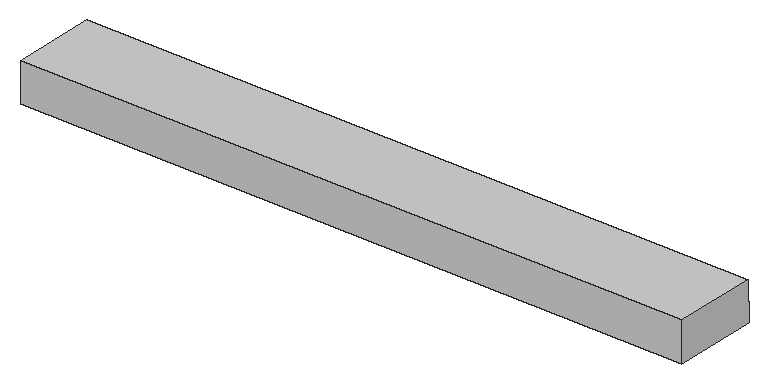
Revit family "Lum_Teto_Tubo_Spor2", category Lighting Fixtures, host Ceiling, Revit 2025
Family settings
  Host = Ceiling
  Round Connector Dimension = Use Diameter
  Part Type = Normal
  OmniClass Number = 23.80.70.11
  OmniClass Title = Luminaries for Internal Lighting
  Always vertical = Yes
  Cut with Voids When Loaded = No
  Light Source = Yes
  Maintain Annotation Orientation = No
  Shared = No
  Room Calculation Point = No
Parameters (values of type "Luminária_Tubular_Sobrepor_2_Lâmpadas")
  Wattage = 9.2903 W
  built-in parameter 1150110 = 1 (stored number, unit not read)
  built-in parameter 1114217 = 1 (stored number, unit not read)
  built-in parameter 1150109 = 1 (stored number, unit not read)
  Lumi_Material = CT_Luminaria
  Lumi_Largura_Interna = Lumi_Largura - 10 mm  # 140 mm
  Lumi_Largura = 150 mm
  Lumi_Comprimento = 1200 mm
  Lumi_Altura = 70 mm
  Emit from Line Length = Lumi_Comprimento - 200 mm  # 1000 mm
  Default Elevation = 0 mm
  built-in parameter 1150134 = (empty or 0)
  built-in parameter 1150113 = 1 (stored number, unit not read)
  Lumens = 1380 lm
  built-in parameter 1150115 = 1 (stored number, unit not read)
  built-in parameter 1150105 = 439.27 (stored number, unit not read)
  Light Source Symbol Size = Lumi_Largura - 20 mm  # 130 mm
  built-in parameter 1150137 = (empty or 0)
  built-in parameter 1150139 = (empty or 0)
  built-in parameter 1150112 = 1 (stored number, unit not read)
  built-in parameter 1150114 = 1 (stored number, unit not read)
  built-in parameter 1150132 = 2
  built-in parameter 1150102 = (empty or 0)
  built-in parameter 1150138 = (empty or 0)
  built-in parameter 1150107 = 3000 (stored number, unit not read)
  built-in parameter 1150106 = 4.3927 (stored number, unit not read)
  built-in parameter 1150104 = 13.8 (stored number, unit not read)
  Dimming Lamp Color Temperature Shift = <None>
  Color Filter = 16777215
  built-in parameter 1114218 = 1 (stored number, unit not read)
  built-in parameter 1150133 = 10 (stored number, unit not read)
Reference planes
  plane 1 "Eixo de origem da luz (F/T)": y = 0
  plane 2: z = 0
  plane 3 "Eixo de origem da luz (E/D)": x = 0
  plane 4 "Forro": z = 4000
  plane 5 "Elevação da origem da luz": z = 3930
  plane 6 "Tubo_E": x = -500
  plane 7 "Tubo_D": x = 500
  plane 8: y = 43.668
  plane 9: y = -43.668
Forms (mm)
  Extrusion 1, solid, material "CT_Luminaria" <- "Lumi_Material"
    sketch origin (0, 0, 4000) x (0, 1, 0) y (-1, 0, 0)
      loop
        line (75, 600) -> (-75, 600) -> (-75, -600) -> (75, -600) -> (75, 600)
    from 0 to -70
  Extrusion 2, void
    sketch origin (500, 0, 0) x (0, 1, 0) y (0, 0, 1)
      loop
        line (-70, 3923.108) -> (70, 3923.108) -> (70, 3946.252)
        arc (70, 3946.252) -> (-0.033, 3972.222) -> (-70, 3946.072) r 107.045
        line (-70, 3946.072) -> (-70, 3923.108)
    from 0 to -1000
Cuts and joins
  Extrusion 2 cuts Extrusion 1
Dimensions and locks
  equal spacing: host sketch curve, plane 3 "Eixo de origem da luz (E/D)", host sketch curve
  equal spacing: host sketch curve, plane 1 "Eixo de origem da luz (F/T)", host sketch curve
  host sketch curve to host sketch curve = 4000 mm  (x2)
  plane 4 "Forro" to host ceiling = 0 mm
  equal spacing: Extrusion 1 sketch curve, plane 3 "Eixo de origem da luz (E/D)", Extrusion 1 sketch curve
  equal spacing: Extrusion 1 sketch curve, plane 1 "Eixo de origem da luz (F/T)", Extrusion 1 sketch curve
  "Lumi_Largura": Extrusion 1 sketch curve to Extrusion 1 sketch curve
  "Lumi_Comprimento": Extrusion 1 sketch curve to Extrusion 1 sketch curve
  "Lumi_Altura": plane 5 "Elevação da origem da luz" to plane 4 "Forro"
  equal spacing: plane 6 "Tubo_E", plane 3 "Eixo de origem da luz (E/D)", plane 7 "Tubo_D"
  "Emit from Line Length": plane 6 "Tubo_E" to plane 7 "Tubo_D"
  equal spacing: Extrusion 2 sketch curve, plane 1 "Eixo de origem da luz (F/T)", Extrusion 2 sketch curve
  "Lumi_Largura_Interna": Extrusion 2 to Extrusion 2
  equal spacing: plane 8, plane 1 "Eixo de origem da luz (F/T)", plane 9
  aligned and locked: plane 5 "Elevação da origem da luz" to Extrusion 1
  aligned and locked: imposter light to plane 1 "Eixo de origem da luz (F/T)"
  aligned and locked: Extrusion 2 to plane 6 "Tubo_E"
Automatic sketch dimensions
  plane 5 "Elevação da origem da luz" to Extrusion 2 sketch curve = 6.892 mm
  Extrusion 2 sketch curve to plane 1 "Eixo de origem da luz (F/T)" = 0.104 mm
  plane 5 "Elevação da origem da luz" to Extrusion 2 sketch curve = 64.822 mm
  plane 1 "Eixo de origem da luz (F/T)" to Extrusion 2 sketch curve = 70 mm
  Extrusion 2 sketch curve to plane 5 "Elevação da origem da luz" = 16.072 mm
